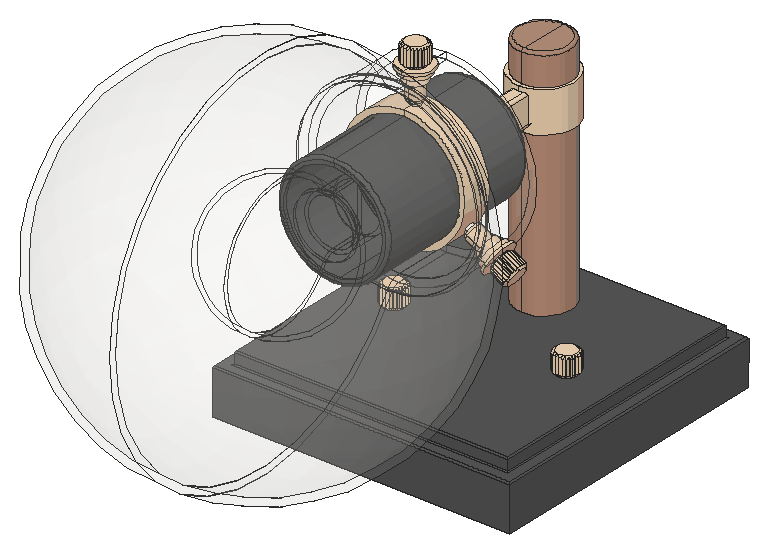
Revit family "Light_Fixture-Wall_Sconce-KOHLER-Holt-K-38412_1", category Lighting Fixtures, host Face, Revit 2021 (continued)
Definition of nested family "K-38412"
  Lines and regions (in)
    symbolic lines, detail levels medium+fine
      curve 473: spline (1.28523, 0, 2.89373) -> (1.28445, 0, 2.89721) -> (1.2837, 0, 2.90068) -> (1.28296, 0, 2.90416) -> (1.28224, 0, 2.90763) -> (1.28153, 0, 2.91111) -> (1.28085, 0, 2.91459) -> (1.28018, 0, 2.91807) -> (1.27952, 0, 2.92155) -> (1.27888, 0, 2.92503) -> (1.27826, 0, 2.92851) -> (1.27766, 0, 2.93199) -> (1.27707, 0, 2.93547)
      curve 474: spline (1.27707, 0, 2.93547) -> (1.27822, 0, 2.93302) -> (1.27938, 0, 2.93057) -> (1.28055, 0, 2.92811) -> (1.28174, 0, 2.92565) -> (1.28294, 0, 2.92319) -> (1.28415, 0, 2.92072) -> (1.28539, 0, 2.91826) -> (1.28663, 0, 2.91579) -> (1.28789, 0, 2.91332) -> (1.28917, 0, 2.91084) -> (1.29046, 0, 2.90837) -> (1.29176, 0, 2.90589)
      curve 475: arc (1.30511, 0, 2.92761) -> (1.30199, 0, 2.95045) -> (1.29949, 0, 2.97335) r 0.84434
      curve 476: spline (1.32347, 0, 2.95951) -> (1.32286, 0, 2.96322) -> (1.32226, 0, 2.96694) -> (1.32168, 0, 2.97066) -> (1.32111, 0, 2.97438) -> (1.32056, 0, 2.97811) -> (1.32003, 0, 2.98184) -> (1.31952, 0, 2.98556) -> (1.31902, 0, 2.98929) -> (1.31855, 0, 2.99303) -> (1.31808, 0, 2.99676) -> (1.31764, 0, 3.0005) -> (1.31721, 0, 3.00423)
      curve 477: spline (1.31721, 0, 3.00423) -> (1.31958, 0, 3.00381) -> (1.32196, 0, 3.00338) -> (1.32435, 0, 3.00294) -> (1.32675, 0, 3.00249) -> (1.32916, 0, 3.00203) -> (1.33158, 0, 3.00156) -> (1.33401, 0, 3.00108) -> (1.33646, 0, 3.0006) -> (1.33891, 0, 3.0001) -> (1.34138, 0, 2.99959) -> (1.34385, 0, 2.99907) -> (1.34634, 0, 2.99855)
      curve 478: spline (1.34634, 0, 2.99855) -> (1.34554, 0, 3.00199) -> (1.34475, 0, 3.00542) -> (1.34398, 0, 3.00886) -> (1.34322, 0, 3.01231) -> (1.34248, 0, 3.01575) -> (1.34176, 0, 3.01919) -> (1.34105, 0, 3.02264) -> (1.34035, 0, 3.02608) -> (1.33968, 0, 3.02953) -> (1.33901, 0, 3.03297) -> (1.33837, 0, 3.03642) -> (1.33774, 0, 3.03987)
      curve 479: spline (1.33774, 0, 3.03987) -> (1.34041, 0, 3.04016) -> (1.3431, 0, 3.04045) -> (1.34579, 0, 3.04072) -> (1.3485, 0, 3.04098) -> (1.35121, 0, 3.04123) -> (1.35394, 0, 3.04146) -> (1.35667, 0, 3.04169) -> (1.35942, 0, 3.0419) -> (1.36217, 0, 3.0421) -> (1.36493, 0, 3.04229) -> (1.36771, 0, 3.04246) -> (1.37049, 0, 3.04262)
      curve 480: spline (1.37049, 0, 3.04262) -> (1.3695, 0, 3.04562) -> (1.36852, 0, 3.04862) -> (1.36756, 0, 3.05161) -> (1.36661, 0, 3.05461) -> (1.36568, 0, 3.05761) -> (1.36477, 0, 3.0606) -> (1.36387, 0, 3.0636) -> (1.36298, 0, 3.06659) -> (1.36212, 0, 3.06958) -> (1.36126, 0, 3.07258) -> (1.36042, 0, 3.07557) -> (1.3596, 0, 3.07856)
      curve 481: spline (1.3596, 0, 3.07856) -> (1.36269, 0, 3.07937) -> (1.36578, 0, 3.08017) -> (1.36888, 0, 3.08095) -> (1.372, 0, 3.08173) -> (1.37512, 0, 3.08248) -> (1.37825, 0, 3.08323) -> (1.38139, 0, 3.08395) -> (1.38453, 0, 3.08467) -> (1.38769, 0, 3.08537) -> (1.39085, 0, 3.08606) -> (1.39403, 0, 3.08673) -> (1.39721, 0, 3.08739)
      curve 482: spline (1.39721, 0, 3.08739) -> (1.39588, 0, 3.08992) -> (1.39456, 0, 3.09245) -> (1.39326, 0, 3.09497) -> (1.39197, 0, 3.09749) -> (1.3907, 0, 3.10001) -> (1.38944, 0, 3.10253) -> (1.3882, 0, 3.10504) -> (1.38697, 0, 3.10756) -> (1.38576, 0, 3.11007) -> (1.38456, 0, 3.11257) -> (1.38338, 0, 3.11508) -> (1.38221, 0, 3.11758)
      curve 483: spline (1.38221, 0, 3.11758) -> (1.38547, 0, 3.11879) -> (1.38874, 0, 3.11999) -> (1.39201, 0, 3.12117) -> (1.39529, 0, 3.12234) -> (1.39858, 0, 3.1235) -> (1.40187, 0, 3.12464) -> (1.40517, 0, 3.12576) -> (1.40848, 0, 3.12687) -> (1.4118, 0, 3.12797) -> (1.41513, 0, 3.12905) -> (1.41846, 0, 3.13012) -> (1.4218, 0, 3.13117)
      curve 484: spline (1.4218, 0, 3.13117) -> (1.42012, 0, 3.13304) -> (1.41845, 0, 3.1349) -> (1.4168, 0, 3.13676) -> (1.41516, 0, 3.13862) -> (1.41354, 0, 3.14047) -> (1.41193, 0, 3.14231) -> (1.41033, 0, 3.14416) -> (1.40874, 0, 3.14599) -> (1.40717, 0, 3.14782) -> (1.40562, 0, 3.14965) -> (1.40407, 0, 3.15147) -> (1.40254, 0, 3.15329)
      curve 485: spline (1.40254, 0, 3.15329) -> (1.40598, 0, 3.15478) -> (1.40942, 0, 3.15626) -> (1.41287, 0, 3.15772) -> (1.41633, 0, 3.15916) -> (1.41979, 0, 3.16059) -> (1.42326, 0, 3.162) -> (1.42674, 0, 3.1634) -> (1.43022, 0, 3.16478) -> (1.43371, 0, 3.16615) -> (1.43721, 0, 3.1675) -> (1.44071, 0, 3.16883) -> (1.44423, 0, 3.17015)
      curve 486: arc (1.42018, 0, 3.18403) -> (1.44159, 0, 3.19344) -> (1.46324, 0, 3.20225) r 0.84823
      curve 487: spline (1.46324, 0, 3.20225) -> (1.4608, 0, 3.20277) -> (1.45837, 0, 3.20327) -> (1.45595, 0, 3.20377) -> (1.45353, 0, 3.20425) -> (1.45113, 0, 3.20473) -> (1.44874, 0, 3.2052) -> (1.44636, 0, 3.20566) -> (1.44399, 0, 3.20611) -> (1.44164, 0, 3.20655) -> (1.43929, 0, 3.20698) -> (1.43695, 0, 3.2074) -> (1.43463, 0, 3.20781)
      curve 488: spline (1.43463, 0, 3.20781) -> (1.43806, 0, 3.20929) -> (1.4415, 0, 3.21076) -> (1.44495, 0, 3.21222) -> (1.4484, 0, 3.21366) -> (1.45186, 0, 3.21508) -> (1.45532, 0, 3.21649) -> (1.4588, 0, 3.21788) -> (1.46228, 0, 3.21925) -> (1.46576, 0, 3.22062) -> (1.46926, 0, 3.22196) -> (1.47276, 0, 3.22329) -> (1.47626, 0, 3.22461)
      curve 489: spline (1.47626, 0, 3.22461) -> (1.47343, 0, 3.22449) -> (1.4706, 0, 3.22437) -> (1.46778, 0, 3.22423) -> (1.46497, 0, 3.22409) -> (1.46217, 0, 3.22393) -> (1.45938, 0, 3.22375) -> (1.4566, 0, 3.22357) -> (1.45383, 0, 3.22338) -> (1.45107, 0, 3.22317) -> (1.44832, 0, 3.22295) -> (1.44558, 0, 3.22272) -> (1.44285, 0, 3.22248)
      curve 490: spline (1.44285, 0, 3.22248) -> (1.44612, 0, 3.22369) -> (1.44939, 0, 3.22489) -> (1.45268, 0, 3.22607) -> (1.45597, 0, 3.22724) -> (1.45927, 0, 3.2284) -> (1.46257, 0, 3.22954) -> (1.46589, 0, 3.23066) -> (1.46921, 0, 3.23177) -> (1.47253, 0, 3.23287) -> (1.47587, 0, 3.23395) -> (1.47921, 0, 3.23502) -> (1.48256, 0, 3.23607)
      curve 491: line (1.20739, 0, 2.84871) -> (1.1733, 0, 2.86839)
      curve 492: line (1.12479, 0, 2.94186) -> (1.19298, 0, 2.90249)
      curve 493: line (1.33141, 0, 3.29972) -> (1.3345, 0, 3.3351)
      curve 494: line (1.15441, 0, 2.99315) -> (1.12234, 0, 2.9707)
      curve 495: line (-0.96101, 0, 3.44557) -> (-0.84128, 0, 3.2382)
      curve 496: line (-0.96101, 0, 3.44557) -> (-1.00199, 0, 3.43782)
      curve 497: line (-1.00199, 0, 3.43782) -> (-1.20095, 0, 3.32295)
      curve 498: line (-0.8701, 0, 3.20938) -> (-1.06845, 0, 3.09487)
      curve 499: line (-0.8701, 0, 3.20938) -> (-0.84128, 0, 3.2382)
      curve 500: line (-0.86237, 0, 3.27474) -> (-0.80803, 0, 3.30611)
      curve 501: line (-0.94113, 0, 3.41116) -> (-0.88734, 0, 3.44222)
      curve 502: line (-1.36102, 0, 3.35101) -> (-1.24291, 0, 3.14644)
      curve 503: line (-1.24291, 0, 3.14644) -> (-1.12479, 0, 2.94186)
      curve 504: line (-1.36102, 0, 3.35101) -> (-1.42921, 0, 3.31164)
      curve 505: line (-1.1733, 0, 2.86839) -> (-1.44889, 0, 3.34574)
      curve 506: line (-1.44889, 0, 3.34574) -> (-1.48299, 0, 3.32605)
      curve 507: line (-1.20739, 0, 2.84871) -> (-1.48299, 0, 3.32605)
      curve 508: line (-1.48256, 0, 3.23607) -> (-1.42242, 0, 3.22115)
      curve 509: line (-1.48256, 0, 3.23607) -> (-1.67961, 0, 3.1223)
      curve 510: line (-1.67961, 0, 3.1223) -> (-1.69609, 0, 3.06524)
      curve 511: line (-1.69609, 0, 3.06524) -> (-1.53982, 0, 2.79456)
      curve 512: line (-1.53982, 0, 2.79456) -> (-1.48181, 0, 2.78024)
      curve 513: line (-1.48181, 0, 2.78024) -> (-1.28523, 0, 2.89373)
      curve 514: line (-1.28523, 0, 2.89373) -> (-1.26796, 0, 2.95361)
      curve 515: line (-1.47626, 0, 3.22461) -> (-1.67283, 0, 3.11112)
      curve 516: line (-1.46324, 0, 3.20225) -> (-1.65998, 0, 3.08867)
      curve 517: line (-1.66573, 0, 3.04226) -> (-1.42018, 0, 3.18403)
      curve 518: line (-1.40254, 0, 3.15329) -> (-1.64793, 0, 3.01162)
      curve 519: line (-1.4218, 0, 3.13117) -> (-1.61914, 0, 3.01723)
      curve 520: line (-1.38221, 0, 3.11758) -> (-1.62717, 0, 2.97615)
      curve 521: line (-1.39721, 0, 3.08739) -> (-1.59352, 0, 2.97405)
      curve 522: line (-1.3596, 0, 3.07856) -> (-1.60468, 0, 2.93706)
      curve 523: line (-1.37049, 0, 3.04262) -> (-1.56812, 0, 2.92853)
      curve 524: line (-1.33774, 0, 3.03987) -> (-1.5821, 0, 2.89878)
      curve 525: line (-1.34634, 0, 2.99855) -> (-1.54202, 0, 2.88557)
      curve 526: line (-1.31721, 0, 3.00423) -> (-1.56151, 0, 2.86319)
      curve 527: line (-1.29949, 0, 2.97335) -> (-1.54363, 0, 2.8324)
      curve 528: line (-1.30511, 0, 2.92761) -> (-1.5012, 0, 2.8144)
      curve 529: line (-1.29176, 0, 2.90589) -> (-1.48906, 0, 2.79198)
      curve 530: arc (-1.54363, 0, 2.8324) -> (-1.52254, 0, 2.82311) -> (-1.5012, 0, 2.8144) r 0.84434
      curve 531: spline (-1.56151, 0, 2.86319) -> (-1.55806, 0, 2.86169) -> (-1.5546, 0, 2.86021) -> (-1.55114, 0, 2.85874) -> (-1.54766, 0, 2.85729) -> (-1.54419, 0, 2.85585) -> (-1.5407, 0, 2.85443) -> (-1.53721, 0, 2.85303) -> (-1.53371, 0, 2.85164) -> (-1.5302, 0, 2.85027) -> (-1.52669, 0, 2.84891) -> (-1.52317, 0, 2.84757) -> (-1.51964, 0, 2.84625)
      curve 532: spline (-1.54202, 0, 2.88557) -> (-1.54372, 0, 2.88368) -> (-1.5454, 0, 2.8818) -> (-1.54708, 0, 2.87991) -> (-1.54873, 0, 2.87804) -> (-1.55038, 0, 2.87616) -> (-1.55201, 0, 2.8743) -> (-1.55363, 0, 2.87243) -> (-1.55523, 0, 2.87057) -> (-1.55682, 0, 2.86872) -> (-1.5584, 0, 2.86687) -> (-1.55996, 0, 2.86503) -> (-1.56151, 0, 2.86319)
      curve 533: spline (-1.5821, 0, 2.89878) -> (-1.5788, 0, 2.8976) -> (-1.57549, 0, 2.89644) -> (-1.57218, 0, 2.89529) -> (-1.56886, 0, 2.89415) -> (-1.56553, 0, 2.89303) -> (-1.56219, 0, 2.89192) -> (-1.55884, 0, 2.89083) -> (-1.55549, 0, 2.88975) -> (-1.55213, 0, 2.88868) -> (-1.54877, 0, 2.88763) -> (-1.5454, 0, 2.8866) -> (-1.54202, 0, 2.88557)
      curve 534: spline (-1.56812, 0, 2.92853) -> (-1.56937, 0, 2.92603) -> (-1.5706, 0, 2.92354) -> (-1.57182, 0, 2.92106) -> (-1.57302, 0, 2.91857) -> (-1.57421, 0, 2.91609) -> (-1.57539, 0, 2.91361) -> (-1.57654, 0, 2.91113) -> (-1.57769, 0, 2.90866) -> (-1.57881, 0, 2.90618) -> (-1.57993, 0, 2.90371) -> (-1.58102, 0, 2.90125) -> (-1.5821, 0, 2.89878)
      curve 535: spline (-1.56812, 0, 2.92853) -> (-1.57121, 0, 2.92916) -> (-1.57429, 0, 2.92982) -> (-1.57737, 0, 2.93048) -> (-1.58043, 0, 2.93116) -> (-1.58349, 0, 2.93185) -> (-1.58654, 0, 2.93256) -> (-1.58959, 0, 2.93328) -> (-1.59262, 0, 2.93401) -> (-1.59565, 0, 2.93475) -> (-1.59867, 0, 2.93551) -> (-1.60168, 0, 2.93628) -> (-1.60468, 0, 2.93706)
      curve 536: spline (-1.59352, 0, 2.97405) -> (-1.59454, 0, 2.97096) -> (-1.59555, 0, 2.96788) -> (-1.59653, 0, 2.96479) -> (-1.59751, 0, 2.96171) -> (-1.59846, 0, 2.95863) -> (-1.5994, 0, 2.95554) -> (-1.60032, 0, 2.95246) -> (-1.60122, 0, 2.94938) -> (-1.60211, 0, 2.9463) -> (-1.60299, 0, 2.94322) -> (-1.60384, 0, 2.94014) -> (-1.60468, 0, 2.93706)
      curve 537: spline (-1.62717, 0, 2.97615) -> (-1.62442, 0, 2.97591) -> (-1.62166, 0, 2.97568) -> (-1.61889, 0, 2.97547) -> (-1.61611, 0, 2.97526) -> (-1.61332, 0, 2.97507) -> (-1.61052, 0, 2.97489) -> (-1.60771, 0, 2.97472) -> (-1.60489, 0, 2.97456) -> (-1.60207, 0, 2.97441) -> (-1.59923, 0, 2.97428) -> (-1.59638, 0, 2.97416) -> (-1.59352, 0, 2.97405)
      curve 538: spline (-1.62717, 0, 2.97615) -> (-1.62659, 0, 2.97958) -> (-1.62599, 0, 2.98301) -> (-1.62538, 0, 2.98643) -> (-1.62475, 0, 2.98986) -> (-1.62411, 0, 2.99328) -> (-1.62345, 0, 2.99671) -> (-1.62277, 0, 3.00013) -> (-1.62208, 0, 3.00355) -> (-1.62137, 0, 3.00697) -> (-1.62064, 0, 3.01039) -> (-1.6199, 0, 3.01381) -> (-1.61914, 0, 3.01723)
      curve 539: spline (-1.64793, 0, 3.01162) -> (-1.64559, 0, 3.01203) -> (-1.64324, 0, 3.01246) -> (-1.64088, 0, 3.01289) -> (-1.63851, 0, 3.01334) -> (-1.63613, 0, 3.01379) -> (-1.63373, 0, 3.01425) -> (-1.63133, 0, 3.01473) -> (-1.62891, 0, 3.01521) -> (-1.62649, 0, 3.0157) -> (-1.62405, 0, 3.0162) -> (-1.6216, 0, 3.01671) -> (-1.61914, 0, 3.01723)
      curve 540: spline (-1.64169, 0, 3.05614) -> (-1.6423, 0, 3.05245) -> (-1.6429, 0, 3.04874) -> (-1.64348, 0, 3.04504) -> (-1.64404, 0, 3.04133) -> (-1.64459, 0, 3.03762) -> (-1.64512, 0, 3.03391) -> (-1.64563, 0, 3.0302) -> (-1.64612, 0, 3.02649) -> (-1.6466, 0, 3.02277) -> (-1.64706, 0, 3.01906) -> (-1.6475, 0, 3.01534) -> (-1.64793, 0, 3.01162)
      curve 541: arc (-1.65998, 0, 3.08867) -> (-1.66317, 0, 3.06551) -> (-1.66573, 0, 3.04226) r 0.84823
      curve 542: spline (-1.6791, 0, 3.06666) -> (-1.67758, 0, 3.06847) -> (-1.67605, 0, 3.07028) -> (-1.6745, 0, 3.0721) -> (-1.67294, 0, 3.07392) -> (-1.67137, 0, 3.07575) -> (-1.66978, 0, 3.07758) -> (-1.66818, 0, 3.07942) -> (-1.66657, 0, 3.08126) -> (-1.66494, 0, 3.0831) -> (-1.6633, 0, 3.08495) -> (-1.66165, 0, 3.08681) -> (-1.65998, 0, 3.08867)
      curve 543: spline (-1.67283, 0, 3.11112) -> (-1.67344, 0, 3.10743) -> (-1.67404, 0, 3.10373) -> (-1.67462, 0, 3.10003) -> (-1.67519, 0, 3.09633) -> (-1.67574, 0, 3.09263) -> (-1.67627, 0, 3.08892) -> (-1.67678, 0, 3.08522) -> (-1.67728, 0, 3.08151) -> (-1.67776, 0, 3.0778) -> (-1.67822, 0, 3.07409) -> (-1.67867, 0, 3.07038) -> (-1.6791, 0, 3.06666)
      curve 544: spline (-1.67961, 0, 3.1223) -> (-1.68037, 0, 3.11888) -> (-1.68112, 0, 3.11545) -> (-1.68185, 0, 3.11202) -> (-1.68256, 0, 3.10859) -> (-1.68326, 0, 3.10516) -> (-1.68394, 0, 3.10173) -> (-1.68461, 0, 3.09829) -> (-1.68526, 0, 3.09486) -> (-1.68589, 0, 3.09143) -> (-1.68651, 0, 3.08799) -> (-1.68711, 0, 3.08455) -> (-1.68769, 0, 3.08112)
      curve 545: spline (-1.68769, 0, 3.08112) -> (-1.68654, 0, 3.0836) -> (-1.68537, 0, 3.08609) -> (-1.68418, 0, 3.08858) -> (-1.68298, 0, 3.09108) -> (-1.68176, 0, 3.09357) -> (-1.68053, 0, 3.09607) -> (-1.67929, 0, 3.09858) -> (-1.67803, 0, 3.10108) -> (-1.67675, 0, 3.10359) -> (-1.67546, 0, 3.10609) -> (-1.67415, 0, 3.10861) -> (-1.67283, 0, 3.11112)
      curve 546: spline (-1.52203, 0, 2.79405) -> (-1.51872, 0, 2.79281) -> (-1.5154, 0, 2.7916) -> (-1.51208, 0, 2.79039) -> (-1.50874, 0, 2.7892) -> (-1.5054, 0, 2.78803) -> (-1.50205, 0, 2.78687) -> (-1.4987, 0, 2.78573) -> (-1.49533, 0, 2.7846) -> (-1.49196, 0, 2.78349) -> (-1.48858, 0, 2.78239) -> (-1.4852, 0, 2.78131) -> (-1.48181, 0, 2.78024)
      curve 547: spline (-1.48906, 0, 2.79198) -> (-1.49186, 0, 2.79209) -> (-1.49465, 0, 2.79221) -> (-1.49743, 0, 2.79234) -> (-1.5002, 0, 2.79248) -> (-1.50296, 0, 2.79264) -> (-1.50571, 0, 2.79281) -> (-1.50846, 0, 2.79298) -> (-1.51119, 0, 2.79317) -> (-1.51391, 0, 2.79338) -> (-1.51663, 0, 2.79359) -> (-1.51933, 0, 2.79381) -> (-1.52203, 0, 2.79405)
      curve 548: spline (-1.5012, 0, 2.8144) -> (-1.5037, 0, 2.81387) -> (-1.50619, 0, 2.81335) -> (-1.50867, 0, 2.81284) -> (-1.51113, 0, 2.81234) -> (-1.51359, 0, 2.81185) -> (-1.51603, 0, 2.81137) -> (-1.51846, 0, 2.8109) -> (-1.52089, 0, 2.81044) -> (-1.5233, 0, 2.80999) -> (-1.52569, 0, 2.80955) -> (-1.52808, 0, 2.80912) -> (-1.53046, 0, 2.8087)
      curve 549: spline (-1.30511, 0, 2.92761) -> (-1.3034, 0, 2.92951) -> (-1.30171, 0, 2.93141) -> (-1.30003, 0, 2.9333) -> (-1.29836, 0, 2.93519) -> (-1.29671, 0, 2.93707) -> (-1.29508, 0, 2.93894) -> (-1.29345, 0, 2.94081) -> (-1.29184, 0, 2.94268) -> (-1.29025, 0, 2.94454) -> (-1.28867, 0, 2.9464) -> (-1.2871, 0, 2.94825) -> (-1.28555, 0, 2.9501)
      curve 550: spline (-1.28523, 0, 2.89373) -> (-1.28445, 0, 2.89721) -> (-1.2837, 0, 2.90068) -> (-1.28296, 0, 2.90416) -> (-1.28224, 0, 2.90763) -> (-1.28153, 0, 2.91111) -> (-1.28085, 0, 2.91459) -> (-1.28018, 0, 2.91807) -> (-1.27952, 0, 2.92155) -> (-1.27888, 0, 2.92503) -> (-1.27826, 0, 2.92851) -> (-1.27766, 0, 2.93199) -> (-1.27707, 0, 2.93547)
      curve 551: spline (-1.27707, 0, 2.93547) -> (-1.27822, 0, 2.93302) -> (-1.27938, 0, 2.93057) -> (-1.28055, 0, 2.92811) -> (-1.28174, 0, 2.92565) -> (-1.28294, 0, 2.92319) -> (-1.28415, 0, 2.92072) -> (-1.28539, 0, 2.91826) -> (-1.28663, 0, 2.91579) -> (-1.28789, 0, 2.91332) -> (-1.28917, 0, 2.91084) -> (-1.29046, 0, 2.90837) -> (-1.29176, 0, 2.90589)
      curve 552: arc (-1.30511, 0, 2.92761) -> (-1.30199, 0, 2.95045) -> (-1.29949, 0, 2.97335) r 0.84434
      curve 553: spline (-1.32347, 0, 2.95951) -> (-1.32286, 0, 2.96322) -> (-1.32226, 0, 2.96694) -> (-1.32168, 0, 2.97066) -> (-1.32111, 0, 2.97438) -> (-1.32056, 0, 2.97811) -> (-1.32003, 0, 2.98184) -> (-1.31952, 0, 2.98556) -> (-1.31902, 0, 2.98929) -> (-1.31855, 0, 2.99303) -> (-1.31808, 0, 2.99676) -> (-1.31764, 0, 3.0005) -> (-1.31721, 0, 3.00423)
      curve 554: spline (-1.31721, 0, 3.00423) -> (-1.31958, 0, 3.00381) -> (-1.32196, 0, 3.00338) -> (-1.32435, 0, 3.00294) -> (-1.32675, 0, 3.00249) -> (-1.32916, 0, 3.00203) -> (-1.33158, 0, 3.00156) -> (-1.33401, 0, 3.00108) -> (-1.33646, 0, 3.0006) -> (-1.33891, 0, 3.0001) -> (-1.34138, 0, 2.99959) -> (-1.34385, 0, 2.99907) -> (-1.34634, 0, 2.99855)
      curve 555: spline (-1.34634, 0, 2.99855) -> (-1.34554, 0, 3.00199) -> (-1.34475, 0, 3.00542) -> (-1.34398, 0, 3.00886) -> (-1.34322, 0, 3.01231) -> (-1.34248, 0, 3.01575) -> (-1.34176, 0, 3.01919) -> (-1.34105, 0, 3.02264) -> (-1.34035, 0, 3.02608) -> (-1.33968, 0, 3.02953) -> (-1.33901, 0, 3.03297) -> (-1.33837, 0, 3.03642) -> (-1.33774, 0, 3.03987)
      curve 556: spline (-1.33774, 0, 3.03987) -> (-1.34041, 0, 3.04016) -> (-1.3431, 0, 3.04045) -> (-1.34579, 0, 3.04072) -> (-1.3485, 0, 3.04098) -> (-1.35121, 0, 3.04123) -> (-1.35394, 0, 3.04146) -> (-1.35667, 0, 3.04169) -> (-1.35942, 0, 3.0419) -> (-1.36217, 0, 3.0421) -> (-1.36493, 0, 3.04229) -> (-1.36771, 0, 3.04246) -> (-1.37049, 0, 3.04262)
      curve 557: spline (-1.37049, 0, 3.04262) -> (-1.3695, 0, 3.04562) -> (-1.36852, 0, 3.04862) -> (-1.36756, 0, 3.05161) -> (-1.36661, 0, 3.05461) -> (-1.36568, 0, 3.05761) -> (-1.36477, 0, 3.0606) -> (-1.36387, 0, 3.0636) -> (-1.36298, 0, 3.06659) -> (-1.36212, 0, 3.06958) -> (-1.36126, 0, 3.07258) -> (-1.36042, 0, 3.07557) -> (-1.3596, 0, 3.07856)
      curve 558: spline (-1.3596, 0, 3.07856) -> (-1.36269, 0, 3.07937) -> (-1.36578, 0, 3.08017) -> (-1.36888, 0, 3.08095) -> (-1.372, 0, 3.08173) -> (-1.37512, 0, 3.08248) -> (-1.37825, 0, 3.08323) -> (-1.38139, 0, 3.08395) -> (-1.38453, 0, 3.08467) -> (-1.38769, 0, 3.08537) -> (-1.39085, 0, 3.08606) -> (-1.39403, 0, 3.08673) -> (-1.39721, 0, 3.08739)
      curve 559: spline (-1.39721, 0, 3.08739) -> (-1.39588, 0, 3.08992) -> (-1.39456, 0, 3.09245) -> (-1.39326, 0, 3.09497) -> (-1.39197, 0, 3.09749) -> (-1.3907, 0, 3.10001) -> (-1.38944, 0, 3.10253) -> (-1.3882, 0, 3.10504) -> (-1.38697, 0, 3.10756) -> (-1.38576, 0, 3.11007) -> (-1.38456, 0, 3.11257) -> (-1.38338, 0, 3.11508) -> (-1.38221, 0, 3.11758)
      curve 560: spline (-1.38221, 0, 3.11758) -> (-1.38547, 0, 3.11879) -> (-1.38874, 0, 3.11999) -> (-1.39201, 0, 3.12117) -> (-1.39529, 0, 3.12234) -> (-1.39858, 0, 3.1235) -> (-1.40187, 0, 3.12464) -> (-1.40517, 0, 3.12576) -> (-1.40848, 0, 3.12687) -> (-1.4118, 0, 3.12797) -> (-1.41513, 0, 3.12905) -> (-1.41846, 0, 3.13012) -> (-1.4218, 0, 3.13117)
      curve 561: spline (-1.4218, 0, 3.13117) -> (-1.42012, 0, 3.13304) -> (-1.41845, 0, 3.1349) -> (-1.4168, 0, 3.13676) -> (-1.41516, 0, 3.13862) -> (-1.41354, 0, 3.14047) -> (-1.41193, 0, 3.14231) -> (-1.41033, 0, 3.14416) -> (-1.40874, 0, 3.14599) -> (-1.40717, 0, 3.14782) -> (-1.40562, 0, 3.14965) -> (-1.40407, 0, 3.15147) -> (-1.40254, 0, 3.15329)
      curve 562: spline (-1.40254, 0, 3.15329) -> (-1.40598, 0, 3.15478) -> (-1.40942, 0, 3.15626) -> (-1.41287, 0, 3.15772) -> (-1.41633, 0, 3.15916) -> (-1.41979, 0, 3.16059) -> (-1.42326, 0, 3.162) -> (-1.42674, 0, 3.1634) -> (-1.43022, 0, 3.16478) -> (-1.43371, 0, 3.16615) -> (-1.43721, 0, 3.1675) -> (-1.44071, 0, 3.16883) -> (-1.44423, 0, 3.17015)
      curve 563: arc (-1.42018, 0, 3.18403) -> (-1.44159, 0, 3.19344) -> (-1.46324, 0, 3.20225) r 0.84823
      curve 564: spline (-1.46324, 0, 3.20225) -> (-1.4608, 0, 3.20277) -> (-1.45837, 0, 3.20327) -> (-1.45595, 0, 3.20377) -> (-1.45353, 0, 3.20425) -> (-1.45113, 0, 3.20473) -> (-1.44874, 0, 3.2052) -> (-1.44636, 0, 3.20566) -> (-1.44399, 0, 3.20611) -> (-1.44164, 0, 3.20655) -> (-1.43929, 0, 3.20698) -> (-1.43695, 0, 3.2074) -> (-1.43463, 0, 3.20781)
      curve 565: spline (-1.43463, 0, 3.20781) -> (-1.43806, 0, 3.20929) -> (-1.4415, 0, 3.21076) -> (-1.44495, 0, 3.21222) -> (-1.4484, 0, 3.21366) -> (-1.45186, 0, 3.21508) -> (-1.45532, 0, 3.21649) -> (-1.4588, 0, 3.21788) -> (-1.46228, 0, 3.21925) -> (-1.46576, 0, 3.22062) -> (-1.46926, 0, 3.22196) -> (-1.47276, 0, 3.22329) -> (-1.47626, 0, 3.22461)
      curve 566: spline (-1.47626, 0, 3.22461) -> (-1.47343, 0, 3.22449) -> (-1.4706, 0, 3.22437) -> (-1.46778, 0, 3.22423) -> (-1.46497, 0, 3.22409) -> (-1.46217, 0, 3.22393) -> (-1.45938, 0, 3.22375) -> (-1.4566, 0, 3.22357) -> (-1.45383, 0, 3.22338) -> (-1.45107, 0, 3.22317) -> (-1.44832, 0, 3.22295) -> (-1.44558, 0, 3.22272) -> (-1.44285, 0, 3.22248)
      curve 567: spline (-1.44285, 0, 3.22248) -> (-1.44612, 0, 3.22369) -> (-1.44939, 0, 3.22489) -> (-1.45268, 0, 3.22607) -> (-1.45597, 0, 3.22724) -> (-1.45927, 0, 3.2284) -> (-1.46257, 0, 3.22954) -> (-1.46589, 0, 3.23066) -> (-1.46921, 0, 3.23177) -> (-1.47253, 0, 3.23287) -> (-1.47587, 0, 3.23395) -> (-1.47921, 0, 3.23502) -> (-1.48256, 0, 3.23607)
      curve 568: line (-1.20739, 0, 2.84871) -> (-1.1733, 0, 2.86839)
      curve 569: line (-1.12479, 0, 2.94186) -> (-1.19298, 0, 2.90249)
      curve 570: line (-1.33141, 0, 3.29972) -> (-1.3345, 0, 3.3351)
      curve 571: line (-1.15441, 0, 2.99315) -> (-1.12234, 0, 2.9707)
      curve 572: line (0.11811, 0, 4.90551) -> (-0.12134, 0, 4.90551)
      curve 573: line (0.11811, 0, 4.90551) -> (0.13189, 0, 4.94488)
      curve 574: line (0.13189, 0, 4.94488) -> (0.13189, 0, 5.17463)
      curve 575: line (-0.13189, 0, 4.94488) -> (-0.13189, 0, 5.17392)
      curve 576: line (-0.13189, 0, 4.94488) -> (-0.12134, 0, 4.90551)
      curve 577: line (-0.07915, 0, 4.90551) -> (-0.07915, 0, 4.84276)
      curve 578: line (0.07837, 0, 4.90551) -> (0.07837, 0, 4.84339)
      curve 579: line (0.23622, 0, 5.29921) -> (0, 0, 5.29921)
      curve 580: line (0, 0, 5.29921) -> (-0.23623, 0, 5.29921)
      curve 581: line (0.23622, 0, 5.29921) -> (0.23622, 0, 5.37795)
      curve 582: line (-0.2756, 0, 5.37795) -> (0.27559, 0, 5.37795)
      curve 583: line (0.27559, 0, 5.37795) -> (0.27559, 0, 5.41732)
      curve 584: line (-0.2756, 0, 5.41732) -> (0.27559, 0, 5.41732)
      curve 585: line (0.19745, 0, 5.46194) -> (0.15446, 0, 5.41732)
      curve 586: line (0.19745, 0, 5.46194) -> (0.19745, 0, 5.68948)
      curve 587: line (0.19745, 0, 5.68948) -> (0.15628, 0, 5.73228)
      curve 588: line (0.15628, 0, 5.73228) -> (-0.15628, 0, 5.73228)
      curve 589: line (-0.15628, 0, 5.73228) -> (-0.19769, 0, 5.68921)
      curve 590: line (-0.19769, 0, 5.68921) -> (-0.19769, 0, 5.46221)
      curve 591: line (-0.19769, 0, 5.46221) -> (-0.15446, 0, 5.41732)
      curve 592: line (0.18438, 0, 5.46222) -> (0.18438, 0, 5.6892)
      curve 593: line (0.15851, 0, 5.46212) -> (0.15851, 0, 5.6893)
      curve 594: line (0.1212, 0, 5.71747) -> (0.1212, 0, 5.43395)
      curve 595: line (0.08576, 0, 5.43404) -> (0.08576, 0, 5.71738)
      curve 596: line (0.07622, 0, 5.46177) -> (0.07622, 0, 5.68965)
      curve 597: line (0.04466, 0, 5.43429) -> (0.04466, 0, 5.71713)
      curve 598: line (0.02601, 0, 5.46237) -> (0.02601, 0, 5.68905)
      curve 599: line (-0.00044, 0, 5.43421) -> (-0.00044, 0, 5.71721)
      curve 600: line (-0.02611, 0, 5.46161) -> (-0.02611, 0, 5.68981)
      curve 601: line (-0.04488, 0, 5.43462) -> (-0.04488, 0, 5.7168)
      curve 602: line (-0.07636, 0, 5.46274) -> (-0.07636, 0, 5.68868)
      curve 603: line (-0.086, 0, 5.43467) -> (-0.086, 0, 5.71675)
      curve 604: line (-0.1216, 0, 5.43476) -> (-0.1216, 0, 5.71666)
      curve 605: line (-0.15841, 0, 5.46249) -> (-0.15841, 0, 5.68893)
      curve 606: line (-0.18389, 0, 5.4618) -> (-0.18389, 0, 5.68962)
      curve 607: arc (-0.1216, 0, 5.71666) -> (-0.14019, 0, 5.70305) -> (-0.15841, 0, 5.68893) r 0.84434
      curve 608: spline (-0.086, 0, 5.71675) -> (-0.08902, 0, 5.71452) -> (-0.09203, 0, 5.71226) -> (-0.09504, 0, 5.71) -> (-0.09803, 0, 5.70772) -> (-0.10101, 0, 5.70542) -> (-0.10398, 0, 5.70311) -> (-0.10695, 0, 5.70079) -> (-0.1099, 0, 5.69845) -> (-0.11284, 0, 5.6961) -> (-0.11577, 0, 5.69374) -> (-0.11869, 0, 5.69136) -> (-0.1216, 0, 5.68897)
      curve 609: spline (-0.07636, 0, 5.68868) -> (-0.07715, 0, 5.6911) -> (-0.07794, 0, 5.69351) -> (-0.07873, 0, 5.69589) -> (-0.07953, 0, 5.69827) -> (-0.08033, 0, 5.70063) -> (-0.08113, 0, 5.70298) -> (-0.08193, 0, 5.70531) -> (-0.08274, 0, 5.70763) -> (-0.08355, 0, 5.70993) -> (-0.08437, 0, 5.71222) -> (-0.08518, 0, 5.71449) -> (-0.086, 0, 5.71675)
      curve 610: spline (-0.04488, 0, 5.7168) -> (-0.04755, 0, 5.71453) -> (-0.05021, 0, 5.71224) -> (-0.05286, 0, 5.70995) -> (-0.05551, 0, 5.70764) -> (-0.05815, 0, 5.70531) -> (-0.06077, 0, 5.70298) -> (-0.06339, 0, 5.70063) -> (-0.066, 0, 5.69827) -> (-0.06861, 0, 5.69589) -> (-0.0712, 0, 5.6935) -> (-0.07378, 0, 5.6911) -> (-0.07636, 0, 5.68868)
      curve 611: spline (-0.02611, 0, 5.68981) -> (-0.02765, 0, 5.69214) -> (-0.02918, 0, 5.69445) -> (-0.03073, 0, 5.69675) -> (-0.03228, 0, 5.69904) -> (-0.03383, 0, 5.70131) -> (-0.0354, 0, 5.70356) -> (-0.03696, 0, 5.70581) -> (-0.03853, 0, 5.70803) -> (-0.04011, 0, 5.71025) -> (-0.04169, 0, 5.71244) -> (-0.04328, 0, 5.71463) -> (-0.04488, 0, 5.7168)
      curve 612: spline (-0.02611, 0, 5.68981) -> (-0.02401, 0, 5.69217) -> (-0.02191, 0, 5.69451) -> (-0.01979, 0, 5.69684) -> (-0.01767, 0, 5.69916) -> (-0.01554, 0, 5.70146) -> (-0.0134, 0, 5.70375) -> (-0.01126, 0, 5.70603) -> (-0.00911, 0, 5.70829) -> (-0.00695, 0, 5.71054) -> (-0.00479, 0, 5.71278) -> (-0.00262, 0, 5.715) -> (-0.00044, 0, 5.71721)
      curve 613: spline (0.02601, 0, 5.68905) -> (0.02385, 0, 5.69148) -> (0.02168, 0, 5.69389) -> (0.01951, 0, 5.69629) -> (0.01732, 0, 5.69867) -> (0.01513, 0, 5.70104) -> (0.01293, 0, 5.70339) -> (0.01072, 0, 5.70573) -> (0.0085, 0, 5.70806) -> (0.00628, 0, 5.71037) -> (0.00405, 0, 5.71266) -> (0.00181, 0, 5.71494) -> (-0.00044, 0, 5.71721)
      curve 614: spline (0.04466, 0, 5.71713) -> (0.04308, 0, 5.71487) -> (0.0415, 0, 5.7126) -> (0.03993, 0, 5.71031) -> (0.03836, 0, 5.708) -> (0.0368, 0, 5.70569) -> (0.03524, 0, 5.70335) -> (0.03369, 0, 5.70101) -> (0.03214, 0, 5.69864) -> (0.0306, 0, 5.69627) -> (0.02907, 0, 5.69388) -> (0.02754, 0, 5.69147) -> (0.02601, 0, 5.68905)
      curve 615: spline (0.04466, 0, 5.71713) -> (0.04734, 0, 5.71492) -> (0.05001, 0, 5.71269) -> (0.05267, 0, 5.71045) -> (0.05532, 0, 5.70819) -> (0.05797, 0, 5.70592) -> (0.0606, 0, 5.70364) -> (0.06323, 0, 5.70134) -> (0.06585, 0, 5.69903) -> (0.06845, 0, 5.6967) -> (0.07105, 0, 5.69437) -> (0.07364, 0, 5.69201) -> (0.07622, 0, 5.68965)
      curve 616: spline (0.08576, 0, 5.71738) -> (0.08495, 0, 5.71515) -> (0.08414, 0, 5.7129) -> (0.08334, 0, 5.71064) -> (0.08253, 0, 5.70836) -> (0.08174, 0, 5.70607) -> (0.08094, 0, 5.70377) -> (0.08015, 0, 5.70145) -> (0.07936, 0, 5.69912) -> (0.07857, 0, 5.69677) -> (0.07778, 0, 5.69441) -> (0.077, 0, 5.69204) -> (0.07622, 0, 5.68965)
      curve 617: spline (0.1212, 0, 5.68971) -> (0.1183, 0, 5.6921) -> (0.11539, 0, 5.69446) -> (0.11247, 0, 5.69682) -> (0.10954, 0, 5.69916) -> (0.10661, 0, 5.70149) -> (0.10366, 0, 5.7038) -> (0.1007, 0, 5.7061) -> (0.09773, 0, 5.70838) -> (0.09475, 0, 5.71065) -> (0.09176, 0, 5.71291) -> (0.08876, 0, 5.71515) -> (0.08576, 0, 5.71738)
      curve 618: arc (0.15851, 0, 5.6893) -> (0.14005, 0, 5.70364) -> (0.1212, 0, 5.71747) r 0.84823
      curve 619: spline (0.14901, 0, 5.71685) -> (0.14982, 0, 5.71464) -> (0.15062, 0, 5.7124) -> (0.15142, 0, 5.71015) -> (0.15222, 0, 5.70789) -> (0.15302, 0, 5.70562) -> (0.15381, 0, 5.70333) -> (0.1546, 0, 5.70102) -> (0.15539, 0, 5.69871) -> (0.15617, 0, 5.69637) -> (0.15695, 0, 5.69403) -> (0.15773, 0, 5.69167) -> (0.15851, 0, 5.6893)
      curve 620: spline (0.18438, 0, 5.6892) -> (0.18148, 0, 5.69158) -> (0.17858, 0, 5.69394) -> (0.17567, 0, 5.6963) -> (0.17275, 0, 5.69863) -> (0.16982, 0, 5.70096) -> (0.16687, 0, 5.70327) -> (0.16392, 0, 5.70557) -> (0.16096, 0, 5.70785) -> (0.15799, 0, 5.71013) -> (0.155, 0, 5.71238) -> (0.15201, 0, 5.71463) -> (0.14901, 0, 5.71685)
      curve 621: spline (0.19745, 0, 5.68948) -> (0.19486, 0, 5.69185) -> (0.19227, 0, 5.69421) -> (0.18967, 0, 5.69656) -> (0.18705, 0, 5.69889) -> (0.18443, 0, 5.70121) -> (0.1818, 0, 5.70352) -> (0.17916, 0, 5.70581) -> (0.17651, 0, 5.70809) -> (0.17385, 0, 5.71036) -> (0.17119, 0, 5.71261) -> (0.16851, 0, 5.71485) -> (0.16583, 0, 5.71707)
      curve 622: spline (0.16583, 0, 5.71707) -> (0.1674, 0, 5.71483) -> (0.16897, 0, 5.71257) -> (0.17054, 0, 5.7103) -> (0.17209, 0, 5.70801) -> (0.17365, 0, 5.70571) -> (0.1752, 0, 5.70339) -> (0.17674, 0, 5.70106) -> (0.17828, 0, 5.69872) -> (0.17981, 0, 5.69636) -> (0.18134, 0, 5.69398) -> (0.18286, 0, 5.6916) -> (0.18438, 0, 5.6892)
      curve 623: spline (-0.16562, 0, 5.71713) -> (-0.16834, 0, 5.71488) -> (-0.17105, 0, 5.71262) -> (-0.17376, 0, 5.71034) -> (-0.17645, 0, 5.70805) -> (-0.17914, 0, 5.70574) -> (-0.18182, 0, 5.70342) -> (-0.18449, 0, 5.70109) -> (-0.18715, 0, 5.69874) -> (-0.1898, 0, 5.69638) -> (-0.19244, 0, 5.694) -> (-0.19507, 0, 5.69161) -> (-0.19769, 0, 5.68921)
      curve 624: spline (-0.18389, 0, 5.68962) -> (-0.1824, 0, 5.69199) -> (-0.1809, 0, 5.69435) -> (-0.17939, 0, 5.69669) -> (-0.17788, 0, 5.69901) -> (-0.17637, 0, 5.70133) -> (-0.17485, 0, 5.70363) -> (-0.17332, 0, 5.70591) -> (-0.17179, 0, 5.70819) -> (-0.17026, 0, 5.71044) -> (-0.16872, 0, 5.71269) -> (-0.16717, 0, 5.71492) -> (-0.16562, 0, 5.71713)
      curve 625: spline (-0.15841, 0, 5.68893) -> (-0.15761, 0, 5.69135) -> (-0.15682, 0, 5.69377) -> (-0.15602, 0, 5.69617) -> (-0.15522, 0, 5.69855) -> (-0.15442, 0, 5.70092) -> (-0.15361, 0, 5.70328) -> (-0.1528, 0, 5.70562) -> (-0.15199, 0, 5.70795) -> (-0.15117, 0, 5.71026) -> (-0.15036, 0, 5.71256) -> (-0.14954, 0, 5.71484) -> (-0.14871, 0, 5.71711)
      curve 626: spline (-0.15841, 0, 5.46249) -> (-0.15761, 0, 5.46007) -> (-0.15682, 0, 5.45765) -> (-0.15602, 0, 5.45525) -> (-0.15522, 0, 5.45287) -> (-0.15442, 0, 5.4505) -> (-0.15361, 0, 5.44814) -> (-0.1528, 0, 5.4458) -> (-0.15199, 0, 5.44347) -> (-0.15117, 0, 5.44116) -> (-0.15036, 0, 5.43886) -> (-0.14954, 0, 5.43658) -> (-0.14871, 0, 5.43431)
      curve 627: spline (-0.19769, 0, 5.46221) -> (-0.19507, 0, 5.45981) -> (-0.19244, 0, 5.45742) -> (-0.1898, 0, 5.45504) -> (-0.18715, 0, 5.45268) -> (-0.18449, 0, 5.45033) -> (-0.18182, 0, 5.448) -> (-0.17914, 0, 5.44568) -> (-0.17645, 0, 5.44337) -> (-0.17376, 0, 5.44108) -> (-0.17105, 0, 5.4388) -> (-0.16834, 0, 5.43654) -> (-0.16562, 0, 5.43429)
      curve 628: spline (-0.16562, 0, 5.43429) -> (-0.16717, 0, 5.4365) -> (-0.16872, 0, 5.43873) -> (-0.17026, 0, 5.44098) -> (-0.17179, 0, 5.44323) -> (-0.17332, 0, 5.44551) -> (-0.17485, 0, 5.44779) -> (-0.17637, 0, 5.45009) -> (-0.17788, 0, 5.45241) -> (-0.17939, 0, 5.45473) -> (-0.1809, 0, 5.45707) -> (-0.1824, 0, 5.45943) -> (-0.18389, 0, 5.4618)
      curve 629: arc (-0.15841, 0, 5.46249) -> (-0.14019, 0, 5.44837) -> (-0.1216, 0, 5.43476) r 0.84434
      curve 630: spline (-0.1216, 0, 5.46245) -> (-0.11869, 0, 5.46006) -> (-0.11577, 0, 5.45768) -> (-0.11284, 0, 5.45532) -> (-0.1099, 0, 5.45297) -> (-0.10695, 0, 5.45063) -> (-0.10398, 0, 5.44831) -> (-0.10101, 0, 5.446) -> (-0.09803, 0, 5.4437) -> (-0.09504, 0, 5.44142) -> (-0.09203, 0, 5.43916) -> (-0.08902, 0, 5.43691) -> (-0.086, 0, 5.43467)
      curve 631: spline (-0.086, 0, 5.43467) -> (-0.08518, 0, 5.43693) -> (-0.08437, 0, 5.4392) -> (-0.08355, 0, 5.44149) -> (-0.08274, 0, 5.44379) -> (-0.08193, 0, 5.44611) -> (-0.08113, 0, 5.44844) -> (-0.08033, 0, 5.45079) -> (-0.07953, 0, 5.45315) -> (-0.07873, 0, 5.45553) -> (-0.07794, 0, 5.45791) -> (-0.07715, 0, 5.46032) -> (-0.07636, 0, 5.46274)
      curve 632: spline (-0.07636, 0, 5.46274) -> (-0.07378, 0, 5.46032) -> (-0.0712, 0, 5.45792) -> (-0.06861, 0, 5.45553) -> (-0.066, 0, 5.45315) -> (-0.06339, 0, 5.45079) -> (-0.06077, 0, 5.44844) -> (-0.05815, 0, 5.44611) -> (-0.05551, 0, 5.44378) -> (-0.05286, 0, 5.44147) -> (-0.05021, 0, 5.43918) -> (-0.04755, 0, 5.43689) -> (-0.04488, 0, 5.43462)
      curve 633: spline (-0.04488, 0, 5.43462) -> (-0.04328, 0, 5.43679) -> (-0.04169, 0, 5.43898) -> (-0.04011, 0, 5.44117) -> (-0.03853, 0, 5.44339) -> (-0.03696, 0, 5.44561) -> (-0.0354, 0, 5.44786) -> (-0.03383, 0, 5.45011) -> (-0.03228, 0, 5.45238) -> (-0.03073, 0, 5.45467) -> (-0.02918, 0, 5.45697) -> (-0.02765, 0, 5.45928) -> (-0.02611, 0, 5.46161)
      curve 634: spline (-0.02611, 0, 5.46161) -> (-0.02401, 0, 5.45925) -> (-0.02191, 0, 5.45691) -> (-0.01979, 0, 5.45458) -> (-0.01767, 0, 5.45226) -> (-0.01554, 0, 5.44996) -> (-0.0134, 0, 5.44767) -> (-0.01126, 0, 5.44539) -> (-0.00911, 0, 5.44313) -> (-0.00695, 0, 5.44088) -> (-0.00479, 0, 5.43864) -> (-0.00262, 0, 5.43642) -> (-0.00044, 0, 5.43421)
      curve 635: spline (-0.00044, 0, 5.43421) -> (0.00181, 0, 5.43648) -> (0.00405, 0, 5.43876) -> (0.00628, 0, 5.44106) -> (0.0085, 0, 5.44337) -> (0.01072, 0, 5.44569) -> (0.01293, 0, 5.44803) -> (0.01513, 0, 5.45038) -> (0.01732, 0, 5.45275) -> (0.01951, 0, 5.45513) -> (0.02168, 0, 5.45753) -> (0.02385, 0, 5.45994) -> (0.02601, 0, 5.46237)
      curve 636: spline (0.02601, 0, 5.46237) -> (0.02754, 0, 5.45995) -> (0.02907, 0, 5.45754) -> (0.0306, 0, 5.45515) -> (0.03214, 0, 5.45278) -> (0.03369, 0, 5.45042) -> (0.03524, 0, 5.44807) -> (0.0368, 0, 5.44573) -> (0.03836, 0, 5.44342) -> (0.03993, 0, 5.44111) -> (0.0415, 0, 5.43882) -> (0.04308, 0, 5.43655) -> (0.04466, 0, 5.43429)
      curve 637: spline (0.04466, 0, 5.43429) -> (0.04734, 0, 5.4365) -> (0.05001, 0, 5.43873) -> (0.05267, 0, 5.44097) -> (0.05532, 0, 5.44323) -> (0.05797, 0, 5.4455) -> (0.0606, 0, 5.44778) -> (0.06323, 0, 5.45008) -> (0.06585, 0, 5.45239) -> (0.06845, 0, 5.45472) -> (0.07105, 0, 5.45705) -> (0.07364, 0, 5.45941) -> (0.07622, 0, 5.46177)
      curve 638: spline (0.07622, 0, 5.46177) -> (0.077, 0, 5.45938) -> (0.07778, 0, 5.45701) -> (0.07857, 0, 5.45465) -> (0.07936, 0, 5.4523) -> (0.08015, 0, 5.44997) -> (0.08094, 0, 5.44765) -> (0.08174, 0, 5.44535) -> (0.08253, 0, 5.44306) -> (0.08334, 0, 5.44078) -> (0.08414, 0, 5.43852) -> (0.08495, 0, 5.43627) -> (0.08576, 0, 5.43404)
      curve 639: spline (0.08576, 0, 5.43404) -> (0.08876, 0, 5.43627) -> (0.09176, 0, 5.43851) -> (0.09475, 0, 5.44077) -> (0.09773, 0, 5.44304) -> (0.1007, 0, 5.44532) -> (0.10366, 0, 5.44762) -> (0.10661, 0, 5.44993) -> (0.10954, 0, 5.45226) -> (0.11247, 0, 5.4546) -> (0.11539, 0, 5.45696) -> (0.1183, 0, 5.45932) -> (0.1212, 0, 5.46171)
      curve 640: arc (0.1212, 0, 5.43395) -> (0.14005, 0, 5.44778) -> (0.15851, 0, 5.46212) r 0.84823
      curve 641: spline (0.15851, 0, 5.46212) -> (0.15773, 0, 5.45975) -> (0.15695, 0, 5.45739) -> (0.15617, 0, 5.45505) -> (0.15539, 0, 5.45271) -> (0.1546, 0, 5.4504) -> (0.15381, 0, 5.44809) -> (0.15302, 0, 5.4458) -> (0.15222, 0, 5.44353) -> (0.15142, 0, 5.44127) -> (0.15062, 0, 5.43902) -> (0.14982, 0, 5.43678) -> (0.14901, 0, 5.43457)
      curve 642: spline (0.14901, 0, 5.43457) -> (0.15201, 0, 5.4368) -> (0.155, 0, 5.43904) -> (0.15799, 0, 5.44129) -> (0.16096, 0, 5.44357) -> (0.16392, 0, 5.44585) -> (0.16687, 0, 5.44815) -> (0.16982, 0, 5.45046) -> (0.17275, 0, 5.45279) -> (0.17567, 0, 5.45512) -> (0.17858, 0, 5.45748) -> (0.18148, 0, 5.45984) -> (0.18438, 0, 5.46222)
      curve 643: spline (0.18438, 0, 5.46222) -> (0.18286, 0, 5.45982) -> (0.18134, 0, 5.45744) -> (0.17981, 0, 5.45506) -> (0.17828, 0, 5.4527) -> (0.17674, 0, 5.45036) -> (0.1752, 0, 5.44803) -> (0.17365, 0, 5.44571) -> (0.17209, 0, 5.44341) -> (0.17054, 0, 5.44112) -> (0.16897, 0, 5.43885) -> (0.1674, 0, 5.43659) -> (0.16583, 0, 5.43435)
      curve 644: spline (0.16583, 0, 5.43435) -> (0.16851, 0, 5.43657) -> (0.17119, 0, 5.43881) -> (0.17385, 0, 5.44106) -> (0.17651, 0, 5.44333) -> (0.17916, 0, 5.44561) -> (0.1818, 0, 5.4479) -> (0.18443, 0, 5.45021) -> (0.18705, 0, 5.45253) -> (0.18967, 0, 5.45486) -> (0.19227, 0, 5.45721) -> (0.19486, 0, 5.45957) -> (0.19745, 0, 5.46194)
      curve 645: line (-0.2756, 0, 5.41732) -> (-0.2756, 0, 5.37795)
      curve 646: line (-0.23623, 0, 5.29921) -> (-0.23623, 0, 5.37795)
      curve 647: line (0.177, 0, 5.29921) -> (0.19195, 0, 5.29224)
      curve 648: line (-0.177, 0, 5.29921) -> (-0.19195, 0, 5.29224)
      curve 649: line (0.13189, 0, 4.94488) -> (-0.13189, 0, 4.94488)
      curve 650: arc (-0.13189, 0, 4.94488) -> (-0.94299, 0, 4.40846) -> (-1.00199, 0, 3.43782) r 1.08887
      curve 651: line (-0.49358, 0, 3.54291) -> (-0.49358, 0, 4.19312)
      curve 652: line (0.34038, 0, 4.68593) -> (-0.34038, 0, 4.68593)
      curve 653: line (-0.43335, 0, 4.64064) -> (0.43335, 0, 4.64064)
      curve 654: arc (-0.4322, 0, 3.09488) -> (-0.88583, 0, 3.86745) -> (-0.43335, 0, 4.6407) r 0.88583
      curve 655: arc (-0.8701, 0, 3.20938) -> (-0.67341, 0, 3.00932) -> (-0.4322, 0, 2.86601) r 1.09133
      curve 656: line (0, 0.1569, 0.9252) -> (0, -0.15937, 0.9252)
      curve 657: line (0, 0.18348, 1.19783) -> (0, 0.18348, 0.96694)
      curve 658: line (0, 0.15703, 1.19811) -> (0, 0.15703, 0.96666)
      curve 659: line (0, 0.12026, 0.93896) -> (0, 0.12026, 1.22581)
      curve 660: line (0, 0.08408, 1.22626) -> (0, 0.08408, 0.93851)
      curve 661: line (0, 0.07466, 1.19851) -> (0, 0.07466, 0.966)
      curve 662: line (0, 0.043, 1.22628) -> (0, 0.043, 0.93849)
      curve 663: line (0, 0.02449, 1.19835) -> (0, 0.02449, 0.96642)
      curve 664: line (0, 0.19579, 1.19895) -> (0, 0.19579, 0.96581)
      curve 665: line (0, -0.02696, 1.19835) -> (0, -0.02696, 0.96642)
      curve 666: line (0, -0.04548, 1.22628) -> (0, -0.04548, 0.93849)
      curve 667: line (0, -0.07713, 1.19829) -> (0, -0.07713, 0.96648)
      curve 668: line (0, -0.08656, 1.22626) -> (0, -0.08656, 0.93851)
      curve 669: line (0, -0.12273, 1.22581) -> (0, -0.12273, 0.93896)
      curve 670: line (0, -0.15951, 1.19811) -> (0, -0.15951, 0.96666)
      curve 671: line (0, -0.18595, 1.19783) -> (0, -0.18595, 0.96694)
      curve 672: line (0, -0.19827, 1.19895) -> (0, -0.19827, 0.96581)
      curve 673: spline (0, 0.16456, 1.22594) -> (0, 0.16721, 1.22377) -> (0, 0.16986, 1.22159) -> (0, 0.17249, 1.21939) -> (0, 0.17512, 1.21718) -> (0, 0.17773, 1.21495) -> (0, 0.18034, 1.21271) -> (0, 0.18294, 1.21045) -> (0, 0.18553, 1.20818) -> (0, 0.18811, 1.2059) -> (0, 0.19068, 1.2036) -> (0, 0.19324, 1.20128) -> (0, 0.19579, 1.19895)
      curve 674: spline (0, 0.18348, 1.19783) -> (0, 0.18193, 1.20025) -> (0, 0.18038, 1.20265) -> (0, 0.17882, 1.20504) -> (0, 0.17725, 1.20741) -> (0, 0.17569, 1.20977) -> (0, 0.17411, 1.21212) -> (0, 0.17253, 1.21446) -> (0, 0.17095, 1.21678) -> (0, 0.16936, 1.21909) -> (0, 0.16776, 1.22139) -> (0, 0.16617, 1.22367) -> (0, 0.16456, 1.22594)
      curve 675: spline (0, 0.18348, 1.19783) -> (0, 0.18054, 1.20025) -> (0, 0.17758, 1.20265) -> (0, 0.17462, 1.20504) -> (0, 0.17165, 1.20742) -> (0, 0.16867, 1.20978) -> (0, 0.16567, 1.21212) -> (0, 0.16267, 1.21445) -> (0, 0.15965, 1.21677) -> (0, 0.15663, 1.21908) -> (0, 0.1536, 1.22136) -> (0, 0.15055, 1.22364) -> (0, 0.1475, 1.2259)
      curve 676: arc (0, 0.12026, 1.22581) -> (0, 0.13884, 1.21221) -> (0, 0.15703, 1.19811) r 0.84187
      curve 677: spline (0, 0.15703, 1.19811) -> (0, 0.15626, 1.2005) -> (0, 0.15547, 1.20288) -> (0, 0.15469, 1.20525) -> (0, 0.1539, 1.2076) -> (0, 0.15311, 1.20993) -> (0, 0.15231, 1.21226) -> (0, 0.15152, 1.21457) -> (0, 0.15072, 1.21686) -> (0, 0.14992, 1.21914) -> (0, 0.14911, 1.22141) -> (0, 0.14831, 1.22366) -> (0, 0.1475, 1.2259)
      curve 678: spline (0, 0.08408, 1.22626) -> (0, 0.08715, 1.22399) -> (0, 0.09022, 1.2217) -> (0, 0.09327, 1.21941) -> (0, 0.09631, 1.21709) -> (0, 0.09934, 1.21477) -> (0, 0.10236, 1.21243) -> (0, 0.10537, 1.21007) -> (0, 0.10837, 1.2077) -> (0, 0.11136, 1.20531) -> (0, 0.11433, 1.20291) -> (0, 0.1173, 1.2005) -> (0, 0.12026, 1.19807)
      curve 679: spline (0, 0.07466, 1.19851) -> (0, 0.07543, 1.20088) -> (0, 0.0762, 1.20323) -> (0, 0.07698, 1.20557) -> (0, 0.07775, 1.20789) -> (0, 0.07854, 1.2102) -> (0, 0.07932, 1.2125) -> (0, 0.08011, 1.21478) -> (0, 0.08089, 1.21705) -> (0, 0.08169, 1.21931) -> (0, 0.08248, 1.22155) -> (0, 0.08328, 1.22378) -> (0, 0.08408, 1.226)
      curve 680: spline (0, 0.043, 1.22628) -> (0, 0.04569, 1.22406) -> (0, 0.04837, 1.22183) -> (0, 0.05104, 1.21959) -> (0, 0.0537, 1.21733) -> (0, 0.05635, 1.21506) -> (0, 0.05899, 1.21277) -> (0, 0.06163, 1.21047) -> (0, 0.06425, 1.20816) -> (0, 0.06687, 1.20583) -> (0, 0.06947, 1.20349) -> (0, 0.07207, 1.20114) -> (0, 0.07466, 1.19877)
      curve 681: spline (0, 0.043, 1.22628) -> (0, 0.04143, 1.22403) -> (0, 0.03987, 1.22177) -> (0, 0.0383, 1.21949) -> (0, 0.03675, 1.2172) -> (0, 0.0352, 1.21489) -> (0, 0.03365, 1.21257) -> (0, 0.03211, 1.21024) -> (0, 0.03058, 1.20789) -> (0, 0.02905, 1.20552) -> (0, 0.02752, 1.20315) -> (0, 0.026, 1.20076) -> (0, 0.02449, 1.19835)
      curve 682: spline (0, 0.02421, 1.19862) -> (0, 0.02213, 1.20095) -> (0, 0.02004, 1.20327) -> (0, 0.01794, 1.20558) -> (0, 0.01584, 1.20787) -> (0, 0.01373, 1.21015) -> (0, 0.01161, 1.21242) -> (0, 0.00948, 1.21467) -> (0, 0.00735, 1.21691) -> (0, 0.00521, 1.21913) -> (0, 0.00306, 1.22134) -> (0, 0.0009, 1.22354) -> (0, -0.00126, 1.22573)
      curve 683: spline (0, -0.02696, 1.19835) -> (0, -0.02486, 1.20071) -> (0, -0.02275, 1.20305) -> (0, -0.02064, 1.20538) -> (0, -0.01851, 1.20769) -> (0, -0.01638, 1.21) -> (0, -0.01424, 1.21228) -> (0, -0.0121, 1.21456) -> (0, -0.00994, 1.21682) -> (0, -0.00778, 1.21907) -> (0, -0.00561, 1.2213) -> (0, -0.00344, 1.22352) -> (0, -0.00126, 1.22573)
      curve 684: spline (0, -0.04548, 1.22628) -> (0, -0.04391, 1.22403) -> (0, -0.04234, 1.22177) -> (0, -0.04078, 1.21949) -> (0, -0.03922, 1.2172) -> (0, -0.03767, 1.21489) -> (0, -0.03613, 1.21257) -> (0, -0.03459, 1.21024) -> (0, -0.03305, 1.20789) -> (0, -0.03152, 1.20552) -> (0, -0.03, 1.20315) -> (0, -0.02848, 1.20076) -> (0, -0.02696, 1.19835)
      curve 685: spline (0, -0.04495, 1.22622) -> (0, -0.04768, 1.22397) -> (0, -0.0504, 1.22171) -> (0, -0.05312, 1.21943) -> (0, -0.05582, 1.21714) -> (0, -0.05852, 1.21483) -> (0, -0.06121, 1.21251) -> (0, -0.06389, 1.21018) -> (0, -0.06655, 1.20783) -> (0, -0.06921, 1.20547) -> (0, -0.07186, 1.20309) -> (0, -0.0745, 1.2007) -> (0, -0.07713, 1.19829)
      curve 686: spline (0, -0.08656, 1.22626) -> (0, -0.08576, 1.22404) -> (0, -0.08496, 1.22181) -> (0, -0.08416, 1.21957) -> (0, -0.08337, 1.21731) -> (0, -0.08258, 1.21504) -> (0, -0.0818, 1.21276) -> (0, -0.08101, 1.21046) -> (0, -0.08023, 1.20815) -> (0, -0.07945, 1.20582) -> (0, -0.07868, 1.20349) -> (0, -0.0779, 1.20113) -> (0, -0.07713, 1.19877)
      curve 687: spline (0, -0.08655, 1.226) -> (0, -0.08962, 1.22373) -> (0, -0.09269, 1.22145) -> (0, -0.09574, 1.21916) -> (0, -0.09878, 1.21685) -> (0, -0.10181, 1.21452) -> (0, -0.10483, 1.21218) -> (0, -0.10784, 1.20982) -> (0, -0.11084, 1.20746) -> (0, -0.11383, 1.20507) -> (0, -0.11681, 1.20267) -> (0, -0.11978, 1.20026) -> (0, -0.12273, 1.19783)
      curve 688: arc (0, -0.15951, 1.19811) -> (0, -0.14131, 1.21221) -> (0, -0.12273, 1.22581) r 0.84187
      curve 689: spline (0, -0.14997, 1.2259) -> (0, -0.15078, 1.22366) -> (0, -0.15159, 1.22141) -> (0, -0.15239, 1.21914) -> (0, -0.15319, 1.21686) -> (0, -0.15399, 1.21457) -> (0, -0.15479, 1.21226) -> (0, -0.15558, 1.20993) -> (0, -0.15637, 1.2076) -> (0, -0.15716, 1.20525) -> (0, -0.15795, 1.20288) -> (0, -0.15873, 1.2005) -> (0, -0.15951, 1.19811)
      curve 690: spline (0, -0.18595, 1.19783) -> (0, -0.18301, 1.20025) -> (0, -0.18006, 1.20265) -> (0, -0.1771, 1.20504) -> (0, -0.17412, 1.20742) -> (0, -0.17114, 1.20978) -> (0, -0.16815, 1.21212) -> (0, -0.16514, 1.21445) -> (0, -0.16213, 1.21677) -> (0, -0.1591, 1.21908) -> (0, -0.15607, 1.22136) -> (0, -0.15303, 1.22364) -> (0, -0.14997, 1.2259)
      curve 691: spline (0, -0.19827, 1.19895) -> (0, -0.19571, 1.20128) -> (0, -0.19315, 1.2036) -> (0, -0.19058, 1.2059) -> (0, -0.188, 1.20818) -> (0, -0.18541, 1.21045) -> (0, -0.18282, 1.21271) -> (0, -0.18021, 1.21495) -> (0, -0.17759, 1.21718) -> (0, -0.17497, 1.21939) -> (0, -0.17233, 1.22159) -> (0, -0.16969, 1.22377) -> (0, -0.16704, 1.22594)
      curve 692: spline (0, -0.16704, 1.22594) -> (0, -0.16864, 1.22367) -> (0, -0.17024, 1.22139) -> (0, -0.17183, 1.21909) -> (0, -0.17342, 1.21678) -> (0, -0.17501, 1.21446) -> (0, -0.17659, 1.21212) -> (0, -0.17816, 1.20977) -> (0, -0.17973, 1.20741) -> (0, -0.18129, 1.20504) -> (0, -0.18285, 1.20265) -> (0, -0.1844, 1.20025) -> (0, -0.18595, 1.19783)
      curve 693: spline (0, 0.19579, 0.96581) -> (0, 0.19324, 0.96349) -> (0, 0.19068, 0.96117) -> (0, 0.18811, 0.95887) -> (0, 0.18553, 0.95659) -> (0, 0.18294, 0.95432) -> (0, 0.18034, 0.95206) -> (0, 0.17773, 0.94982) -> (0, 0.17512, 0.94759) -> (0, 0.17249, 0.94538) -> (0, 0.16986, 0.94318) -> (0, 0.16721, 0.941) -> (0, 0.16456, 0.93883)
      curve 694: spline (0, 0.16456, 0.93883) -> (0, 0.16617, 0.9411) -> (0, 0.16776, 0.94338) -> (0, 0.16936, 0.94568) -> (0, 0.17095, 0.94799) -> (0, 0.17253, 0.95031) -> (0, 0.17411, 0.95265) -> (0, 0.17569, 0.95499) -> (0, 0.17725, 0.95736) -> (0, 0.17882, 0.95973) -> (0, 0.18038, 0.96212) -> (0, 0.18193, 0.96452) -> (0, 0.18348, 0.96694)
      curve 695: spline (0, 0.18348, 0.96694) -> (0, 0.18054, 0.96452) -> (0, 0.17758, 0.96212) -> (0, 0.17462, 0.95973) -> (0, 0.17165, 0.95735) -> (0, 0.16867, 0.95499) -> (0, 0.16567, 0.95265) -> (0, 0.16267, 0.95031) -> (0, 0.15965, 0.948) -> (0, 0.15663, 0.94569) -> (0, 0.1536, 0.9434) -> (0, 0.15055, 0.94113) -> (0, 0.1475, 0.93887)
      curve 696: spline (0, 0.1475, 0.93887) -> (0, 0.14831, 0.94111) -> (0, 0.14911, 0.94336) -> (0, 0.14992, 0.94563) -> (0, 0.15072, 0.94791) -> (0, 0.15152, 0.9502) -> (0, 0.15231, 0.95251) -> (0, 0.15311, 0.95483) -> (0, 0.1539, 0.95717) -> (0, 0.15469, 0.95952) -> (0, 0.15547, 0.96189) -> (0, 0.15626, 0.96426) -> (0, 0.15703, 0.96666)
      curve 697: arc (0, 0.15703, 0.96666) -> (0, 0.13884, 0.95256) -> (0, 0.12026, 0.93896) r 0.84187
      curve 698: spline (0, 0.12026, 0.9667) -> (0, 0.1173, 0.96427) -> (0, 0.11433, 0.96185) -> (0, 0.11136, 0.95945) -> (0, 0.10837, 0.95707) -> (0, 0.10537, 0.9547) -> (0, 0.10236, 0.95234) -> (0, 0.09934, 0.95) -> (0, 0.09631, 0.94767) -> (0, 0.09327, 0.94536) -> (0, 0.09022, 0.94306) -> (0, 0.08715, 0.94078) -> (0, 0.08408, 0.93851)
      curve 699: spline (0, 0.08408, 0.93851) -> (0, 0.08328, 0.94073) -> (0, 0.08248, 0.94296) -> (0, 0.08169, 0.9452) -> (0, 0.0809, 0.94746) -> (0, 0.08011, 0.94973) -> (0, 0.07932, 0.95201) -> (0, 0.07854, 0.95431) -> (0, 0.07776, 0.95662) -> (0, 0.07698, 0.95894) -> (0, 0.0762, 0.96128) -> (0, 0.07543, 0.96363) -> (0, 0.07466, 0.966)
      curve 700: spline (0, 0.07466, 0.966) -> (0, 0.07207, 0.96363) -> (0, 0.06947, 0.96128) -> (0, 0.06687, 0.95894) -> (0, 0.06425, 0.95661) -> (0, 0.06163, 0.95429) -> (0, 0.05899, 0.95199) -> (0, 0.05635, 0.94971) -> (0, 0.0537, 0.94744) -> (0, 0.05104, 0.94518) -> (0, 0.04837, 0.94293) -> (0, 0.04569, 0.9407) -> (0, 0.043, 0.93849)
      curve 701: spline (0, 0.043, 0.93849) -> (0, 0.04143, 0.94074) -> (0, 0.03987, 0.943) -> (0, 0.0383, 0.94528) -> (0, 0.03675, 0.94757) -> (0, 0.0352, 0.94988) -> (0, 0.03365, 0.9522) -> (0, 0.03211, 0.95453) -> (0, 0.03058, 0.95688) -> (0, 0.02905, 0.95924) -> (0, 0.02752, 0.96162) -> (0, 0.026, 0.96401) -> (0, 0.02449, 0.96642)
